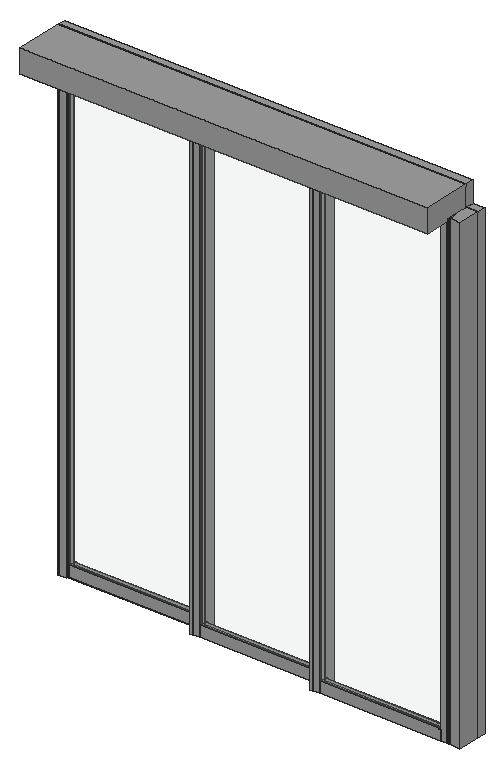
Revit family "agtatec_Record_SldngDrset_E-TSA-Telescopic_CurtainWallPanel", category Curtain Panels, Revit 2015 (continued)
Definition of nested family "E-TSA Telescopic"
  Definition of nested family "Interlacing profile - Outer"
    Forms (mm)
      Extrusion 1, solid, material <- "Panel Frames", visible <- "Interlacing profile 1"
        sketch origin (0, 0, 0) x (1, 0, 0) y (0, 1, 0)
          loop
            line (0, 0) -> (-32, 0) -> (-32, -12) -> (17, -12) -> (17, 10) -> (0, 10) -> (0, 0)
        from 0 to 2195
      Extrusion 2, solid, material <- "Panel Frames", visible <- "Interlacing profile 2"
        sketch origin (0, 0, 0) x (1, 0, 0) y (0, 1, 0)
          loop
            line (-37, -7) -> (0, -7) -> (0, 43) -> (-37, 43) -> (-37, -7)
        from 0 to 2195
      Extrusion 3, solid, material <- "Panel Frames", visible <- "Interlacing profile 3"
        sketch origin (-37, 0, 0) x (1, 0, 0) y (0, 1, 0)
          loop
            line (17, 10) -> (1.7, 10) -> (1.7, 32) -> (0, 32) -> (0, -12) -> (17, -12) -> (17, 10)
        from 0 to 2195
      Extrusion 4, solid, material <- "Panel Frames", visible <- "Interlacing profile 2"
        sketch origin (0, 0, 0) x (-1, 0, 0) y (0, -1, 0)
          loop
            line (-104, 7) -> (-104, -43) -> (0, -43) -> (0, 7) -> (-104, 7)
        from 0 to 2195
      Extrusion 5, solid, material <- "Panel Frames", visible <- "Interlacing profile 2"
        sketch origin (0, -14, 0) x (-1, 0, 0) y (0, -1, 0)
          loop
            line (-104, -7) -> (-72, -7) -> (-72, -2) -> (-104, -2) -> (-104, -7)
        from 0 to 2195
      Extrusion 6, solid, material <- "Panel Frames", visible <- "Interlacing profile 4"
        sketch origin (0, 0, 0) x (1, 0, 0) y (0, 1, 0)
          loop
            line (-33.5, 7.5) -> (-33.5, 32) -> (-37, 32) -> (-37, -12) -> (17, -12) -> (17, 10) -> (4.45, 10) -> (4.45, 7.5) -> (-33.5, 7.5)
        from 0 to 2195
      Extrusion 7, solid, material <- "Panel Frames", visible <- "Interlacing profile 5"
        sketch origin (-37, 0, 0) x (-1, 0, 0) y (0, -1, 0)
          loop
            line (-104, 7) -> (-104, -43) -> (0, -43) -> (0, 7) -> (-104, 7)
        from 0 to 2195
      Extrusion 8, solid, material <- "Panel Frames", visible <- "Interlacing profile 5"
        sketch origin (-37, -14, 0) x (-1, 0, 0) y (0, -1, 0)
          loop
            line (-104, -7) -> (-72, -7) -> (-72, -2) -> (-104, -2) -> (-104, -7)
        from 0 to 2195
    Lines and regions (mm)
      Masking region 1, visible <- "Interlacing profile 1"
        outline origin (0, 0, 0) x (1, 0, 0) y (0, 1, 0)
          loop
            line (0, 10) -> (0, 0) -> (-32, 0) -> (-32, -12) -> (17, -12) -> (17, 10) -> (0, 10)
      Masking region 2, visible <- "Interlacing profile 2"
        outline origin (0, 0, 0) x (1, 0, 0) y (0, 1, 0)
          loop
            line (104, -12) -> (104, 43) -> (-37, 43) -> (-37, -7) -> (72, -7) -> (72, -12) -> (104, -12)
      Masking region 3, visible <- "Interlacing profile 3"
        outline origin (-37, 0, 0) x (1, 0, 0) y (0, 1, 0)
          loop
            line (17, 10) -> (1.7, 10) -> (1.7, 32) -> (0, 32) -> (0, -12) -> (17, -12) -> (17, 10)
      Masking region 4, visible <- "Interlacing profile 4"
        outline origin (0, 0, 0) x (1, 0, 0) y (0, 1, 0)
          loop
            line (-37, 32) -> (-37, -12) -> (17, -12) -> (17, 10) -> (4.45, 10) -> (4.45, 7.5) -> (-33.5, 7.5) -> (-33.5, 32) -> (-37, 32)
      Masking region 5, visible <- "Interlacing profile 5"
        outline origin (-37, 0, 0) x (1, 0, 0) y (0, 1, 0)
          loop
            line (104, -12) -> (104, 43) -> (0, 43) -> (0, -7) -> (72, -7) -> (72, -12) -> (104, -12)
      symbolic lines, visible <- "Interlacing profile 1", detail levels medium+fine
        curve 1: line (0, 10, 40) -> (0, 0, 40)
        curve 2: line (0, 0, 40) -> (-32, 0, 40)
      symbolic lines, visible <- "Interlacing profile 2"
        curve 3: line (0, 43, 40) -> (0, -7, 40)
        curve 4: line (72, -7, 40) -> (104, -7, 40)
      symbolic lines, visible <- "Interlacing profile 5"
        curve 5: line (35, -7, 40) -> (67, -7, 40)
    Dimensions and locks
      "Interlancing Profile Height": plane 4 to level
      aligned and locked: plane 4 to Extrusion 1
      aligned and locked: plane 4 to Extrusion 2
      aligned and locked: plane 4 to Extrusion 3
      aligned and locked: Extrusion 1 to plane 6
      aligned and locked: plane 4 to Extrusion 4
      aligned and locked: plane 4 to Extrusion 5
      aligned and locked: plane 4 to Extrusion 6
      aligned and locked: plane 4 to Extrusion 7
      aligned and locked: plane 4 to Extrusion 8
    Automatic sketch dimensions
      Extrusion 1 sketch curve to plane 6 = 0 mm
      Extrusion 1 sketch curve to plane 7 = 0 mm
      Extrusion 1 sketch curve to plane 3 "Center (Left/Right)" = 0 mm
      plane 1 "Center (Front/Back)" to Extrusion 1 sketch curve = 0 mm
      plane 3 "Center (Left/Right)" to Extrusion 1 sketch curve = 17 mm
      Extrusion 1 sketch curve to plane 1 "Center (Front/Back)" = 10 mm
      Masking region 1 sketch curve to plane 6 = 0 mm
      Masking region 1 sketch curve to plane 7 = 0 mm
      plane 1 "Center (Front/Back)" to Masking region 1 sketch curve = 0 mm
      Masking region 1 sketch curve to plane 3 "Center (Left/Right)" = 0 mm
      plane 3 "Center (Left/Right)" to Masking region 1 sketch curve = 17 mm
      Masking region 1 sketch curve to Masking region 1 sketch curve = 10 mm
      curve 3 to plane 3 "Center (Left/Right)" = 0 mm
      plane 1 "Center (Front/Back)" to curve 2 = 0 mm
      curve 2 to plane 3 "Center (Left/Right)" = 0 mm
      curve 2 to plane 7 = 0 mm
      plane 6 to curve 5 = 5 mm
      plane 3 "Center (Left/Right)" to curve 5 = 35 mm
      curve 5 to curve 5 = 32 mm
      curve 4 to curve 5 = 5 mm
      plane 6 to curve 4 = 5 mm
      curve 4 to curve 4 = 32 mm
      curve 1 to plane 1 "Center (Front/Back)" = 10 mm
      curve 3 to curve 1 = 33 mm
      plane 6 to curve 3 = 5 mm
      Extrusion 2 sketch curve to plane 3 "Center (Left/Right)" = 0 mm
      plane 7 to Extrusion 2 sketch curve = 5 mm
      plane 6 to Extrusion 2 sketch curve = 5 mm
      Extrusion 2 sketch curve to plane 1 "Center (Front/Back)" = 43 mm
      Extrusion 3 sketch curve to plane 6 = 0 mm
      plane 7 to Extrusion 3 sketch curve = 5 mm
      Extrusion 3 sketch curve to Extrusion 3 sketch curve = 1.7 mm
      Extrusion 3 sketch curve to plane 7 = 12 mm
      Extrusion 3 sketch curve to plane 1 "Center (Front/Back)" = 10 mm
      Extrusion 3 sketch curve to Extrusion 3 sketch curve = 22 mm
      plane 6 to Masking region 2 sketch curve = 0 mm
      plane 7 to Masking region 2 sketch curve = 5 mm
      plane 3 "Center (Left/Right)" to Masking region 2 sketch curve = 72 mm
      Masking region 2 sketch curve to Masking region 2 sketch curve = 32 mm
      Masking region 2 sketch curve to Masking region 2 sketch curve = 5 mm
      Masking region 2 sketch curve to plane 1 "Center (Front/Back)" = 43 mm
      Masking region 3 sketch curve to plane 6 = 0 mm
      plane 7 to Masking region 3 sketch curve = 5 mm
      plane 7 to Masking region 3 sketch curve = 3.3 mm
      Masking region 3 sketch curve to plane 7 = 12 mm
      Masking region 3 sketch curve to plane 1 "Center (Front/Back)" = 10 mm
      Masking region 3 sketch curve to Masking region 3 sketch curve = 22 mm
      Extrusion 4 sketch curve to plane 3 "Center (Left/Right)" = 0 mm
      Extrusion 4 sketch curve to plane 6 = 5 mm
      Extrusion 4 sketch curve to plane 3 "Center (Left/Right)" = 104 mm
      plane 1 "Center (Front/Back)" to Extrusion 4 sketch curve = 43 mm
      plane 6 to Extrusion 5 sketch curve = 0 mm
      plane 3 "Center (Left/Right)" to Extrusion 5 sketch curve = 104 mm
      plane 6 to Extrusion 5 sketch curve = 5 mm
      Extrusion 5 sketch curve to Extrusion 5 sketch curve = 32 mm
      Extrusion 6 sketch curve to plane 6 = 0 mm
      plane 7 to Extrusion 6 sketch curve = 5 mm
      plane 7 to Extrusion 6 sketch curve = 1.5 mm
      plane 3 "Center (Left/Right)" to Extrusion 6 sketch curve = 4.45 mm
      plane 3 "Center (Left/Right)" to Extrusion 6 sketch curve = 17 mm
      Extrusion 6 sketch curve to plane 1 "Center (Front/Back)" = 7.5 mm
      Extrusion 6 sketch curve to plane 1 "Center (Front/Back)" = 10 mm
      Extrusion 6 sketch curve to Extrusion 6 sketch curve = 24.5 mm
      Masking region 4 sketch curve to plane 6 = 0 mm
      plane 7 to Masking region 4 sketch curve = 5 mm
      plane 7 to Masking region 4 sketch curve = 1.5 mm
      plane 3 "Center (Left/Right)" to Masking region 4 sketch curve = 4.45 mm
      plane 3 "Center (Left/Right)" to Masking region 4 sketch curve = 17 mm
      Masking region 4 sketch curve to plane 1 "Center (Front/Back)" = 7.5 mm
      Masking region 4 sketch curve to Masking region 4 sketch curve = 2.5 mm
      Masking region 4 sketch curve to Masking region 4 sketch curve = 24.5 mm
      plane 6 to Masking region 5 sketch curve = 0 mm
      plane 6 to Masking region 5 sketch curve = 5 mm
      plane 7 to Masking region 5 sketch curve = 5 mm
      plane 3 "Center (Left/Right)" to Masking region 5 sketch curve = 35 mm
      Masking region 5 sketch curve to Masking region 5 sketch curve = 32 mm
      Masking region 5 sketch curve to plane 1 "Center (Front/Back)" = 43 mm
      Extrusion 7 sketch curve to plane 3 "Center (Left/Right)" = 67 mm
      Extrusion 7 sketch curve to plane 7 = 5 mm
      Extrusion 7 sketch curve to plane 6 = 5 mm
      plane 1 "Center (Front/Back)" to Extrusion 7 sketch curve = 43 mm
      plane 6 to Extrusion 8 sketch curve = 0 mm
      plane 3 "Center (Left/Right)" to Extrusion 8 sketch curve = 67 mm
      plane 6 to Extrusion 8 sketch curve = 5 mm
      Extrusion 8 sketch curve to Extrusion 8 sketch curve = 32 mm
  Definition of nested family "Interlacing profile - Inner"
    Parameters
      Wall Mounting Option 2 = no
      Side Panel = yes
      Panel Frames = none
      Interlancing Profile Height = 2195 mm
      Interlacing profile 5 = and(Wall Mounting Option 2, not(Side Panel))  # no
      Interlacing profile 4 = and(not(Wall Mounting Option 2), not(Side Panel))  # no
      Interlacing profile 1 = Side Panel  # yes
    Reference planes
      plane 1 "Center (Front/Back)": y = 0
      plane 2: z = 0
      plane 3 "Center (Left/Right)": x = 0
      plane 4: z = 2195
      plane 5 "Above": z = 40
      plane 6: y = -12
      plane 7: x = -32
    Forms (mm)
      Extrusion 1, solid, material <- "Panel Frames", visible <- "Interlacing profile 1"
        sketch origin (0, 0, 0) x (1, 0, 0) y (0, 1, 0)
          loop
            line (0, 0) -> (-32, 0) -> (-32, -12) -> (17, -12) -> (17, 10) -> (0, 10) -> (0, 0)
        from 0 to 2195
      Extrusion 2, solid, material <- "Panel Frames", visible <- "Interlacing profile 4"
        sketch origin (0, 0, 0) x (1, 0, 0) y (0, 1, 0)
          loop
            line (0, 0) -> (-32, 0) -> (-32, -12) -> (49, -12) -> (49, -10) -> (12, -10) -> (12, 10) -> (0, 10) -> (0, 0)
        from 0 to 2195
      Extrusion 3, solid, material <- "Panel Frames", visible <- "Interlacing profile 5"
        sketch origin (0, 0, 0) x (1, 0, 0) y (0, 1, 0)
          loop
            line (0, 0) -> (-32, 0) -> (-32, -12) -> (12, -12) -> (12, 10) -> (0, 10) -> (0, 0)
        from 0 to 2195
    Lines and regions (mm)
      Masking region 1, visible <- "Interlacing profile 1"
        outline origin (0, 0, 0) x (1, 0, 0) y (0, 1, 0)
          loop
            line (0, 10) -> (0, 0) -> (-32, 0) -> (-32, -12) -> (17, -12) -> (17, 10) -> (0, 10)
      Masking region 2, visible <- "Interlacing profile 4"
        outline origin (0, 0, 0) x (1, 0, 0) y (0, 1, 0)
          loop
            line (0, 0) -> (-32, 0) -> (-32, -12) -> (49, -12) -> (49, -10) -> (12, -10) -> (12, 10) -> (0, 10) -> (0, 0)
      Masking region 3, visible <- "Interlacing profile 5"
        outline origin (0, 0, 0) x (1, 0, 0) y (0, 1, 0)
          loop
            line (12, -12) -> (12, 10) -> (0, 10) -> (0, 0) -> (-32, 0) -> (-32, -12) -> (12, -12)
      symbolic lines, detail levels medium+fine
        curve 1: line (0, 10, 40) -> (0, 0, 40)
        curve 2: line (0, 0, 40) -> (-32, 0, 40)
    Dimensions and locks
      "Interlancing Profile Height": plane 4 to level
      aligned and locked: plane 4 to Extrusion 1
      aligned and locked: Extrusion 1 to plane 6
      aligned and locked: plane 4 to Extrusion 2
      aligned and locked: plane 4 to Extrusion 3
    Automatic sketch dimensions
      plane 1 "Center (Front/Back)" to Extrusion 1 sketch curve = 0 mm
      Extrusion 1 sketch curve to plane 3 "Center (Left/Right)" = 0 mm
      plane 1 "Center (Front/Back)" to Extrusion 1 sketch curve = 12 mm
      Extrusion 1 sketch curve to plane 3 "Center (Left/Right)" = 32 mm
      plane 3 "Center (Left/Right)" to Extrusion 1 sketch curve = 17 mm
      Extrusion 1 sketch curve to plane 1 "Center (Front/Back)" = 10 mm
      plane 1 "Center (Front/Back)" to Masking region 1 sketch curve = 0 mm
      Masking region 1 sketch curve to plane 3 "Center (Left/Right)" = 0 mm
      plane 1 "Center (Front/Back)" to Masking region 1 sketch curve = 12 mm
      Masking region 1 sketch curve to plane 3 "Center (Left/Right)" = 32 mm
      Masking region 1 sketch curve to Masking region 1 sketch curve = 17 mm
      Masking region 1 sketch curve to Masking region 1 sketch curve = 10 mm
      plane 1 "Center (Front/Back)" to Extrusion 2 sketch curve = 0 mm
      Extrusion 2 sketch curve to plane 3 "Center (Left/Right)" = 0 mm
      plane 6 to Extrusion 2 sketch curve = 0 mm
      Extrusion 2 sketch curve to plane 3 "Center (Left/Right)" = 32 mm
      plane 3 "Center (Left/Right)" to Extrusion 2 sketch curve = 12 mm
      plane 6 to Extrusion 2 sketch curve = 2 mm
      Extrusion 2 sketch curve to Extrusion 2 sketch curve = 37 mm
      Extrusion 2 sketch curve to plane 1 "Center (Front/Back)" = 10 mm
      Extrusion 3 sketch curve to plane 6 = 0 mm
      plane 1 "Center (Front/Back)" to Extrusion 3 sketch curve = 0 mm
      Extrusion 3 sketch curve to plane 3 "Center (Left/Right)" = 0 mm
      Extrusion 3 sketch curve to plane 3 "Center (Left/Right)" = 32 mm
      Extrusion 3 sketch curve to Extrusion 3 sketch curve = 12 mm
      Extrusion 3 sketch curve to plane 1 "Center (Front/Back)" = 10 mm
      Masking region 2 sketch curve to plane 6 = 0 mm
      plane 1 "Center (Front/Back)" to Masking region 2 sketch curve = 0 mm
      Masking region 2 sketch curve to plane 3 "Center (Left/Right)" = 0 mm
      Masking region 2 sketch curve to plane 3 "Center (Left/Right)" = 32 mm
      plane 3 "Center (Left/Right)" to Masking region 2 sketch curve = 12 mm
      Masking region 2 sketch curve to Masking region 2 sketch curve = 37 mm
      plane 6 to Masking region 2 sketch curve = 2 mm
      Masking region 2 sketch curve to plane 1 "Center (Front/Back)" = 10 mm
      plane 1 "Center (Front/Back)" to Masking region 3 sketch curve = 0 mm
      Masking region 3 sketch curve to plane 6 = 0 mm
      Masking region 3 sketch curve to plane 3 "Center (Left/Right)" = 0 mm
      Masking region 3 sketch curve to plane 3 "Center (Left/Right)" = 32 mm
      plane 3 "Center (Left/Right)" to Masking region 3 sketch curve = 12 mm
      Masking region 3 sketch curve to plane 1 "Center (Front/Back)" = 10 mm
      plane 1 "Center (Front/Back)" to curve 1 = 0 mm
      curve 1 to plane 3 "Center (Left/Right)" = 0 mm
      curve 2 to plane 3 "Center (Left/Right)" = 32 mm
      curve 1 to plane 1 "Center (Front/Back)" = 10 mm
Types (13, lengths in mm): name | Without side panels | TotalWidth | TotalHeight | Support Length Right | Support Length Left | Right Profile | Right Panel | Right | Left Profile | Left Panel | Left | Interlacing profile right | Interlacing profile left | NominalWidth | NominalHeight | DriveUnitHeight
  (no name) | no | 1955 | 2295 | 600 | 1300 | no | no | no | yes | yes | yes | no | no | 1955 | 2295 | 108
  E-TSA-R 108 mm drive unit height - right - without side panel | yes | 1299 | 2295 | 1300 | 600 | no | no | yes | no | no | no | yes | no | 1299 | 2295 | 108
  E-TSA-L 108 mm drive unit height - left - with side panel | no | 1955 | 2295 | 600 | 1300 | no | no | no | yes | yes | yes | no | no | 1955 | 2295 | 108
  E-TSA-L 108 mm drive unit height - left - without side panel | yes | 1299 | 2295 | 600 | 1300 | no | no | no | no | no | yes | no | yes | 1299 | 2295 | 108
  E-TSA-L 150 mm drive unit height - left - with side panel | no | 1955 | 2337 | 600 | 1300 | no | no | no | yes | yes | yes | no | no | 1955 | 2337 | 150
  E-TSA-L 150 mm drive unit height - left - without side panel | yes | 1299 | 2337 | 600 | 1300 | no | no | no | no | no | yes | no | yes | 1299 | 2337 | 150
  E-TSA-L 200 mm drive unit height - left - with side panel | no | 1955 | 2387 | 600 | 1300 | no | no | no | yes | yes | yes | no | no | 1955 | 2387 | 200
  E-TSA-L 200 mm drive unit height - left - without side panel | yes | 1299 | 2387 | 600 | 1300 | no | no | no | no | no | yes | no | yes | 1299 | 2387 | 200
  E-TSA-R 108 mm drive unit height - right - with side panel | no | 1955 | 2295 | 1300 | 600 | yes | yes | yes | no | no | no | no | no | 1955 | 2295 | 108
  E-TSA-R 150 mm drive unit height - right - with side panel | no | 1955 | 2337 | 1300 | 600 | yes | yes | yes | no | no | no | no | no | 1955 | 2337 | 150
  E-TSA-R 150 mm drive unit height - right - without side panel | yes | 1299 | 2337 | 1300 | 600 | no | no | yes | no | no | no | yes | no | 1299 | 2337 | 150
  E-TSA-R 200 mm drive unit height - right - with side panel | no | 1955 | 2387 | 1300 | 600 | yes | yes | yes | no | no | no | no | no | 1955 | 2387 | 200
  E-TSA-R 200 mm drive unit height - right - without side panel | yes | 1299 | 2387 | 1300 | 600 | no | no | yes | no | no | no | yes | no | 1299 | 2387 | 200
